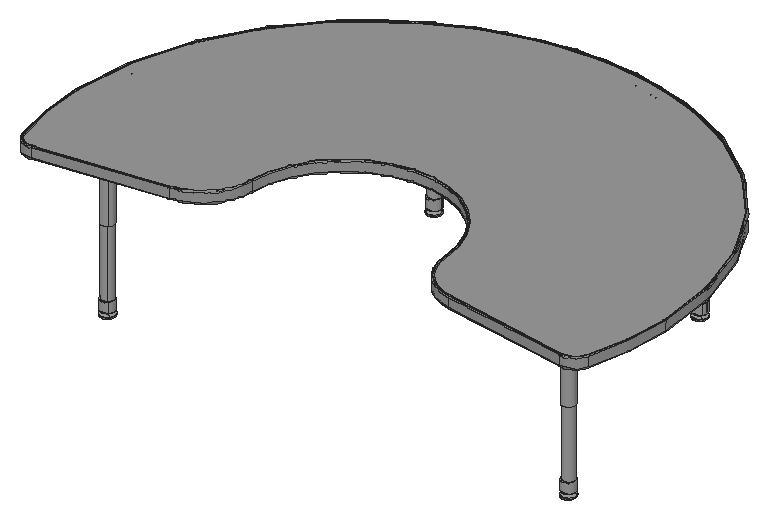
Revit family "Porcelain Steel Kidney Table - Youth Height", category Furniture, Revit 2018
Family settings
  Work Plane-Based = No
  Always vertical = Yes
  Cut with Voids When Loaded = No
  Shared = No
  Room Calculation Point = No
Parameters
  Table Height = 1' - 6"
  Leg Finish = Hierarchy Leg Platinum
  Caster/Glide = Hierarchy Youth Leg - Glide : Hierarchy Youth Leg - Glide
Reference planes (in)
  plane 1 "Center (Front/Back)": y = 0
  plane 2: z = 0
  plane 3 "Center (Left/Right)": x = 0
  plane 4: z = 18
Dimensions and locks (in)
  "Table Height": plane 4 to level
  aligned and locked: plane 2 to level
  aligned and locked: nested 1 to plane 4
Nested families (in)
  nested 1: "Porcelain Kidney Tabletop" at (0, 0, -9.75047), type "Porcelain Kidney Tabletop"
  nested 2: "Hierarchy Youth Leg - Glide" at (-15.86793, 23.35026, 0) x (0.8482, 0.5296, 0) z (0, 0, 1), type <- "Caster/Glide", Leg Finish <- "Leg Finish", Leg Height <- "Table Height", type "Hierarchy Youth Leg - Glide"
    with Leg Height 1' - 6", Leg Finish Hierarchy Leg Platinum
  nested 3: "Hierarchy Youth Leg - Glide" at (-27.51611, -10.83692, 0) x (-0.7057, 0.7085, 0) z (0, 0, 1), Leg Finish <- "Leg Finish", Leg Height <- "Table Height", type "Hierarchy Youth Leg - Glide"
    with Leg Height 1' - 6", Leg Finish Hierarchy Leg Platinum
  nested 4: "Hierarchy Youth Leg - Glide" at (15.86793, 23.35026, 0) x (-0.8482, 0.5296, 0) z (0, 0, 1), type <- "Caster/Glide", Leg Finish <- "Leg Finish", Leg Height <- "Table Height", type "Hierarchy Youth Leg - Glide"
    with Leg Height 1' - 6", Leg Finish Hierarchy Leg Platinum
  nested 5: "Hierarchy Youth Leg - Glide" at (27.51611, -10.83692, 0) x (0.7057, 0.7085, 0) z (0, 0, 1), Leg Finish <- "Leg Finish", Leg Height <- "Table Height", type "Hierarchy Youth Leg - Glide"
    with Leg Height 1' - 6", Leg Finish Hierarchy Leg Platinum
Definition of nested family "Porcelain Kidney Tabletop"
  Reference planes (in)
    plane 1 "Center (Front/Back)": y = 0
    plane 2: z = 0
    plane 3 "Center (Left/Right)": x = 0
  Forms (in)
    Extrusion 1, solid
      sketch origin (0, 0, 0) x (1, 0, 0) y (0, 1, 0)
        loop
          line (-31.60803, -16.96758) -> (-16.77334, -14.8827)
          arc (-16.77334, -14.8827) -> (-13.21111, -12.9994) -> (-11.67523, -9.27416) r 5.92912
          arc (-11.67523, -9.27416) -> (-0.07545, 1.82223) -> (11.52433, -9.27416) r 11.6112
          arc (11.52433, -9.27416) -> (13.06021, -12.9994) -> (16.62245, -14.8827) r 5.92912
          line (16.62245, -14.8827) -> (31.45713, -16.96758)
          arc (31.45713, -16.96758) -> (32.80731, -16.6688) -> (33.63116, -15.55815) r 1.97637
          arc (33.63116, -15.55815) -> (34.65998, -10.74549) -> (35.00519, -5.83622) r 35.08064
          arc (35.00519, -5.83622) -> (-0.07545, 29.24442) -> (-35.15609, -5.83622) r 35.08064
          arc (-35.15609, -5.83622) -> (-34.81088, -10.74549) -> (-33.78205, -15.55815) r 35.08064
          arc (-33.78205, -15.55815) -> (-32.95821, -16.6688) -> (-31.60803, -16.96758) r 1.97637
      from 27.75047 to 28.91848
    Sweep 2, solid
      path origin (58.96943, -14.33672, 14.409) x (1, 0, 0) y (0, 1, 0)
        loop
          line (-90.57746, -2.63086) -> (-75.74277, -0.54598)
          arc (-75.74277, -0.54598) -> (-72.18053, 1.33732) -> (-70.64465, 5.06256) r 5.92912
          arc (-70.64465, 5.06256) -> (-59.04487, 16.15895) -> (-47.44509, 5.06256) r 11.6112
          arc (-47.44509, 5.06256) -> (-45.90921, 1.33732) -> (-42.34698, -0.54598) r 5.92912
          line (-42.34698, -0.54598) -> (-27.51229, -2.63086)
          arc (-27.51229, -2.63086) -> (-26.16211, -2.33208) -> (-25.33827, -1.22143) r 1.97637
          arc (-25.33827, -1.22143) -> (-24.30944, 3.59123) -> (-23.96424, 8.5005) r 35.08064
          arc (-23.96424, 8.5005) -> (-59.04487, 43.58114) -> (-94.12551, 8.5005) r 35.08064
          arc (-94.12551, 8.5005) -> (-93.78031, 3.59123) -> (-92.75148, -1.22143) r 35.08064
          arc (-92.75148, -1.22143) -> (-91.92764, -2.33208) -> (-90.57746, -2.63086) r 1.97637
      profile origin (-24.19069, -15.92514, 14.409) x (-0.139173, 0.990268, 0) y (0, 0, 1)
        loop
          line (0, 13.34147) -> (0, 14.50949) -> (0.10571, 14.50949) -> (0.10571, 14.54167)
          arc (0.10571, 14.54167) -> (0.07218, 14.56143) -> (0.03507, 14.57312) r 0.1716
          line (0.03507, 14.57312) -> (-0.03244, 14.57312)
          arc (-0.03244, 14.57312) -> (-0.10136, 14.54458) -> (-0.12991, 14.47566) r 0.09746
          line (-0.12991, 14.47566) -> (-0.12991, 13.3753)
          arc (-0.12991, 13.3753) -> (-0.10137, 13.30639) -> (-0.03246, 13.27785) r 0.09745
          line (-0.03246, 13.27785) -> (0.02521, 13.27783)
          arc (0.02521, 13.27783) -> (0.04767, 13.28412) -> (0.06645, 13.29795) r 0.06478
          line (0.06645, 13.29795) -> (0.06645, 13.34147) -> (0, 13.34147)
  Dimensions and locks (in)
    aligned and locked: plane 2 to level
Definition of nested family "Hierarchy Youth Leg - Glide"
  Parameters (values of type "Hierarchy Youth Leg - Glide")
    Leg Finish [instance] = none
    Leg Height [instance] = 1' - 4.80117"
  Reference planes (in)
    plane 1 "Center (Front/Back)": y = 0
    plane 2: z = 0
    plane 3 "Center (Left/Right)": x = 0
  Forms (in)
    Extrusion 1, solid
      sketch origin (-0.01562, 0, 0) x (1, 0, 0) y (0, 1, 0)
        loop
          circle (0.01563, 0) r 0.67016
      from 0.67618 to 10.55018
    Revolve 2, solid
      sketch origin (0, 0, 0) x (1, 0, 0) y (0, 0, 1)
        loop
          line (-0.73189, 1.80118) -> (-0.79439, 1.73867) -> (-0.79439, 0.61381) -> (-0.73176, 0.55118) -> (-0.125, 0.55118) -> (-0.125, 0.42618) -> (-0.84656, 0.16241) -> (-0.84656, 0.08994) -> (-0.81359, 0) -> (0, 0) -> (0, 1.80118) -> (-0.73189, 1.80118)
        axis (0, 1.80118) -> (0, 0)
      angle from 0 to 360
  Dimensions and locks (in)
    "Leg Height": nested 1 to level  (x2)
    aligned and locked: plane 2 to level
  Automatic sketch dimensions
    plane 1 "Center (Front/Back)" to Extrusion 1 sketch curve = 0' - 0"
    Extrusion 1 sketch curve to plane 3 "Center (Left/Right)" = 0' - 0"
    Revolve 2 sketch curve to level = 0' - 0"
    Revolve 2 sketch curve to plane 3 "Center (Left/Right)" = 0' - 0"  (x2)
    Revolve 2 sketch curve to plane 3 "Center (Left/Right)" = 0' - 0 1/8"
    Revolve 2 sketch curve to Revolve 2 sketch curve = 0' - 0.60676"
    Revolve 2 sketch curve to Revolve 2 sketch curve = 0' - 0.73189"
    Revolve 2 sketch curve to Revolve 2 sketch curve = 0' - 0.06263"  (x2)
    Revolve 2 sketch curve to Revolve 2 sketch curve = 0' - 0.08183"
    Revolve 2 sketch curve to Revolve 2 sketch curve = 0' - 0.03297"
    level to Revolve 2 sketch curve = 0' - 0.08994"
    Revolve 2 sketch curve to Revolve 2 sketch curve = 0' - 0.07247"
    level to Revolve 2 sketch curve = 0' - 0.42618"
    Revolve 2 sketch curve to Revolve 2 sketch curve = 0' - 0 1/8"
    Revolve 2 sketch curve to Revolve 2 sketch curve = 0' - 1.12486"
    Revolve 2 sketch curve to Revolve 2 sketch curve = 0' - 0 1/16"
    Revolve 2 sketch curve to level = 2' - 0"
    Revolve 2 sketch curve to Revolve 2 sketch curve = 8' - 4.91764"
    radius of Extrusion 1 sketch curve = 0' - 0.67016"
  Nested families (in)
    nested 1: "Hierarchy Youth Upper Leg 2023" at (0, 0, 0), Leg Finish <- "Leg Finish", type "Hierarchy Youth Upper Leg 2023"
      with Leg Finish none
  Definition of nested family "Hierarchy Youth Upper Leg 2023"
    Parameters (values of type "Hierarchy Youth Upper Leg 2023")
      Leg Finish [instance] = none
    Reference planes (in)
      plane 1 "Center (Front/Back)": y = 0
      plane 2: z = 0
      plane 3 "Center (Left/Right)": x = 0
    Forms (in)
      Extrusion 1, solid, material <- "Leg Finish"
        sketch origin (0, 0, -11.001) x (1, 0, 0) y (0, 1, 0)
          loop
            circle (0, 0) r 0.75
        from 19.67618 to 27.67618
      Extrusion 2, solid, material <- "Leg Finish"
        sketch origin (0, 0, -11.001) x (1, 0, 0) y (0, 1, 0)
          loop
            line (-1.70174, 0.19183) -> (-2.88626, -2.26116)
            arc (-2.88626, -2.26116) -> (-2.83993, -3.09822) -> (-2.1063, -3.50394) r 0.86614
            line (-2.1063, -3.50394) -> (2.1063, -3.50394)
            arc (2.1063, -3.50394) -> (2.83993, -3.09822) -> (2.88626, -2.26116) r 0.86614
            line (2.88626, -2.26116) -> (1.70174, 0.19183)
            arc (1.70174, 0.19183) -> (0, 1.25984) -> (-1.70174, 0.19183) r 1.88976
        from 27.67618 to 27.80217
      Extrusion 3, solid, material <- "Leg Finish"
        sketch origin (-1.48519, 8.66524, -11.001) x (-0.434844, 0.900506, 0) y (0, 0, 1)
          loop
            line (-9.01425, 27.67618) -> (-11.80952, 27.67618)
            arc (-11.80952, 27.67618) -> (-11.92325, 27.58993) -> (-11.87088, 27.45715) r 0.11811
            arc (-11.87088, 27.45715) -> (-10.39364, 26.29679) -> (-9.23328, 24.81955) r 7.87402
            arc (-9.23328, 24.81955) -> (-9.1005, 24.76717) -> (-9.01425, 24.88091) r 0.11811
            line (-9.01425, 24.88091) -> (-9.01425, 27.67618)
        from -1.94075 to -1.81476
      Extrusion 4, solid, material <- "Leg Finish"
        sketch origin (1.48519, 8.66524, -11.001) x (0.434844, 0.900506, 0) y (0, 0, -1)
          loop
            line (-9.01425, -27.67618) -> (-9.01425, -24.88091)
            arc (-9.01425, -24.88091) -> (-9.1005, -24.76717) -> (-9.23328, -24.81955) r 0.11811
            arc (-9.23328, -24.81955) -> (-10.39364, -26.29679) -> (-11.87088, -27.45715) r 7.87402
            arc (-11.87088, -27.45715) -> (-11.92325, -27.58993) -> (-11.80952, -27.67618) r 0.11811
            line (-11.80952, -27.67618) -> (-9.01425, -27.67618)
        from -1.94075 to -1.81476
    Dimensions and locks (in)
      aligned and locked: plane 2 to level
